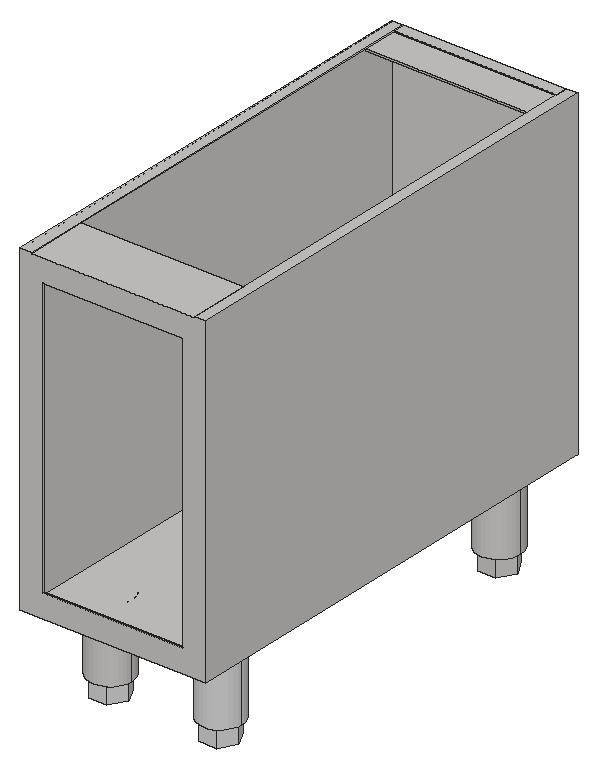
Revit family "QF_ELECTROLUXPROFESSIONAL_169028_AV12", category Specialty Equipment, Revit 2018
Family settings
  Round Connector Dimension = Use Diameter
  Part Type = Normal
  Work Plane-Based = No
  Always vertical = Yes
  Cut with Voids When Loaded = No
  Shared = Yes
  Room Calculation Point = No
Parameters
  Weight = "22 lbs."
  URL Manufacturer = "www.electrolux.com/foodservice"
  URL Cutsheet = "www.electrolux.com/foodservice"
  URL = "www.electrolux.com/foodservice"
  Type Mark [instance] = ""
  Type Comments = ""
  Status [instance] = ""
  Specification by User [instance] = ""
  Specification by Manufacturer = ""
  Serial Number = ""
  Seismic Rating = ""
  SMACNA No = ""
  Revision Code [instance] = ""
  Omniclass Number and Title = ""
  NAFEM Spec ID Number = ""
  Model = "AV12"
  MasterSpec. = ""
  Manufacturer = "ELECTROLUX"
  Item Number [instance] = ""
  Installed By [instance] = ""
  Identify Quantity as Lot [instance] = yes
  Furnished By [instance] = ""
  Foodservice Equipment Identifier [instance] = yes
  Direct Waste Size = 0"
  Description = "Open Cupboard 12\""
  CSI MasterFormat = ""
  CSI Master Format = ""
Reference planes (in)
  plane 1 "BACK": y = 0
  plane 2: z = 0
  plane 3 "LEFT": x = 0
  plane 4 "RIGHT": x = 12
  plane 5 "FRONT": y = -29.9375
  plane 6 "TOP": z = 26.75
  plane 7: z = 5.875
Forms (in)
  Extrusion 1, solid, material "QF_Finishes_Handrails and Railings"
    sketch origin (-0.03936, 0.07031, 0) x (1, 0, 0) y (0, 1, 0)
      loop
        line (3.07085, -24.73494) -> (1.88975, -24.73494) -> (1.2992, -25.75781) -> (1.88975, -26.78067) -> (3.07085, -26.78067) -> (3.6614, -25.75781) -> (3.07085, -24.73494)
    from 0 to 1.1811
  Revolve 2, solid, material "QF_Finishes_Stainless Steel"
    sketch origin (-0.03936, -25.6875, 0) x (1, 0, 0) y (0, 0, 1)
      loop
        line (2.4803, 1.1811) -> (2.4803, 5.875) -> (1.10235, 5.875) -> (1.10235, 1.1811) -> (2.4803, 1.1811)
      axis (2.4803, 5.875) -> (2.4803, 1.1811)
    angle from 0 to 360
  Extrusion 3, solid, material "QF_Finishes_Stainless Steel"
    sketch origin (-0.03936, 22.50781, 0) x (1, 0, 0) y (0, 1, 0)
      loop
        line (3.07085, -24.73494) -> (1.88975, -24.73494) -> (1.2992, -25.75781) -> (1.88975, -26.78067) -> (3.07085, -26.78067) -> (3.6614, -25.75781) -> (3.07085, -24.73494)
    from 0 to 1.1811
  Revolve 4, solid, material "QF_Finishes_Stainless Steel"
    sketch origin (-0.03936, -3.25, 0) x (1, 0, 0) y (0, 0, 1)
      loop
        line (2.4803, 1.1811) -> (2.4803, 5.875) -> (1.10235, 5.875) -> (1.10235, 1.1811) -> (2.4803, 1.1811)
      axis (2.4803, 5.875) -> (2.4803, 1.1811)
    angle from 0 to 360
  Extrusion 5, solid, material "QF_Finishes_Handrails and Railings"
    sketch origin (7.06301, 0.07031, 0) x (1, 0, 0) y (0, 1, 0)
      loop
        line (3.07085, -24.73494) -> (1.88975, -24.73494) -> (1.2992, -25.75781) -> (1.88975, -26.78067) -> (3.07085, -26.78067) -> (3.6614, -25.75781) -> (3.07085, -24.73494)
    from 0 to 1.1811
  Revolve 6, solid, material "QF_Finishes_Handrails and Railings"
    sketch origin (7.06301, -25.6875, 0) x (1, 0, 0) y (0, 0, 1)
      loop
        line (2.4803, 1.1811) -> (2.4803, 5.875) -> (1.10235, 5.875) -> (1.10235, 1.1811) -> (2.4803, 1.1811)
      axis (2.4803, 5.875) -> (2.4803, 1.1811)
    angle from 0 to 360
  Extrusion 7, solid, material "QF_Finishes_Stainless Steel"
    sketch origin (7.06301, 22.50781, 0) x (1, 0, 0) y (0, 1, 0)
      loop
        line (3.07085, -24.73494) -> (1.88975, -24.73494) -> (1.2992, -25.75781) -> (1.88975, -26.78067) -> (3.07085, -26.78067) -> (3.6614, -25.75781) -> (3.07085, -24.73494)
    from 0 to 1.1811
  Revolve 8, solid, material "QF_Finishes_Stainless Steel"
    sketch origin (7.06301, -3.25, 0) x (1, 0, 0) y (0, 0, 1)
      loop
        line (2.4803, 1.1811) -> (2.4803, 5.875) -> (1.10235, 5.875) -> (1.10235, 1.1811) -> (2.4803, 1.1811)
      axis (2.4803, 5.875) -> (2.4803, 1.1811)
    angle from 0 to 360
  Extrusion 9, solid, material "QF_Finishes_Stainless Steel"
    sketch origin (0, 0, 0) x (1, 0, 0) y (0, 0, 1)
      loop
        line (0, 5.875) -> (12, 5.875) -> (12, 26.6875) -> (0, 26.6875) -> (0, 5.875)
    from 0 to 0.0625
  Extrusion 10, solid, material "QF_Finishes_Stainless Steel"
    sketch origin (0, -30.3125, 0) x (1, 0, 0) y (0, 0, 1)
      loop
        line (0.0625, 5.9375) -> (11.9375, 5.9375) -> (11.9375, 26.6875) -> (0.0625, 26.6875) -> (0.0625, 5.9375)
      loop
        line (10.5, 25.25) -> (1.5, 25.25) -> (1.5, 7.375) -> (10.5, 7.375) -> (10.5, 25.25)
    from -0.4375 to -0.375
  Extrusion 11, solid, material "QF_Finishes_Stainless Steel"
    sketch origin (0, 0, 0) x (1, 0, 0) y (0, 0, 1)
      loop
        line (12, 26.75) -> (11.25, 26.75) -> (11.25, 26.6875) -> (11.9375, 26.6875) -> (11.9375, 5.9375) -> (0.0625, 5.9375) -> (0.0625, 26.6875) -> (0.75, 26.6875) -> (0.75, 26.75) -> (0, 26.75) -> (0, 5.875) -> (12, 5.875) -> (12, 26.75)
    from 0 to 29.9375
  Extrusion 12, solid, material "QF_Finishes_Stainless Steel"
    sketch origin (0, 0, 26.6875) x (1, 0, 0) y (0, 1, 0)
      loop
        line (0.75, 0) -> (0.75, -0.75) -> (11.25, -0.75) -> (11.25, 0) -> (0.75, 0)
    from 0 to 0.0625
  Extrusion 13, solid, material "QF_Finishes_Stainless Steel"
    sketch origin (0, -29.1875, 26.5625) x (1, 0, 0) y (0, 1, 0)
      loop
        line (0.75, 3.25) -> (0.75, -0.6875) -> (11.25, -0.6875) -> (11.25, 3.25) -> (0.75, 3.25)
      loop
        line (0.75, 28.4375) -> (0.75, 26.1875) -> (11.25, 26.1875) -> (11.25, 28.4375) -> (0.75, 28.4375)
    from 0 to 0.125
Cuts and joins
  joined: Extrusion 9, Extrusion 10, Extrusion 11, Extrusion 13
Lines and regions (in)
  symbolic lines
    curve 1: line (0, 0, 0) -> (12, 0, 0)
    curve 2: line (0, -29.9375, 0) -> (0, 0, 0)
    curve 3: line (12, -29.9375, 0) -> (0, -29.9375, 0)
    curve 4: line (12, 0, 0) -> (12, -29.9375, 0)
    curve 5: line (11.25, -29.9375, 0) -> (0.75, -29.9375, 0)
    curve 6: line (11.25, -0.75, 0) -> (11.25, -29.9375, 0)
    curve 7: line (0.75, -0.75, 0) -> (11.25, -0.75, 0)
    curve 8: line (0.75, -29.9375, 0) -> (0.75, -0.75, 0)
    curve 9: line (0.75, -3, 0) -> (11.25, -3, 0)
    curve 10: line (11.25, -25.9375, 0) -> (0.75, -25.9375, 0)
    curve 11: line (11.25, -0.75, 0) -> (12, 0, 0)
    curve 12: line (0.75, -0.75, 0) -> (0, 0, 0)
Dimensions and locks (in)
  locked: plane 5 "FRONT" to plane 1 "BACK" at 29.9375
  plane 3 "LEFT" to plane 4 "RIGHT" = 12"  (x2)
  plane 6 "TOP" to level = 26 3/4"  (x3)
  plane 1 "BACK" to plane 5 "FRONT" = 29 15/16"
  plane 1 "BACK" to Extrusion 3 = 3 1/4"
  Extrusion 3 to Extrusion 1 = 22 7/16"
  plane 7 to level = 5 7/8"
  plane 5 "FRONT" to plane 1 "BACK" = 29 15/16"
  aligned and locked: level to plane 2
  aligned and locked: plane 5 "FRONT" to cut or joined group of Extrusion 9, Extrusion 10, Extrusion 11, Extrusion 13
